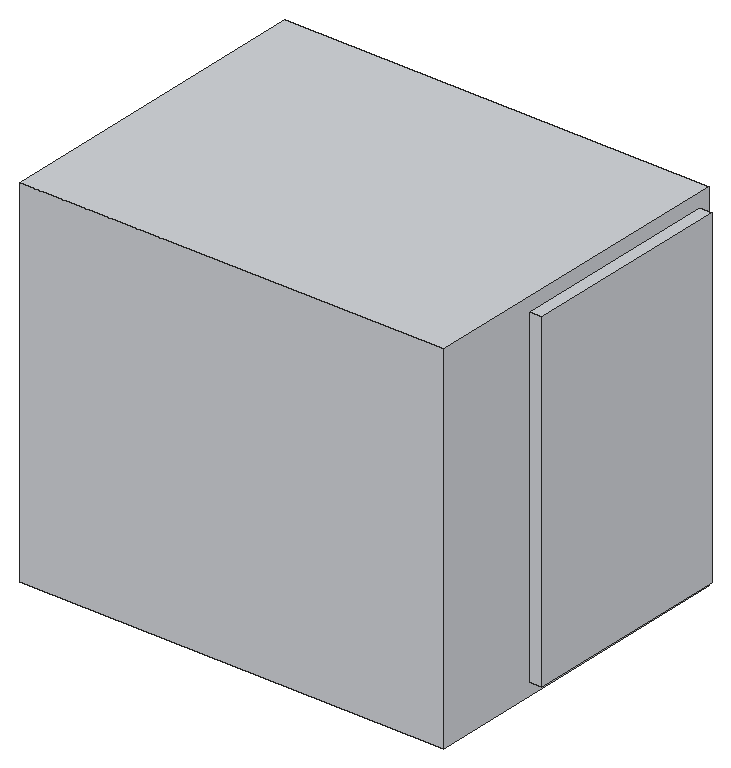
Revit family "b3f6add2fd1845629b123787d08ee09f", category Duct Accessories, Revit 2021
Family settings
  Round Connector Dimension = Use Diameter
  Part Type = Breaks Into
  OmniClass Number = 23.75.50.17.11
  OmniClass Title = Air Filters
  Seek Item ID = Filter - Cartridge-0000-USA-ENU
  Work Plane-Based = No
  Always vertical = Yes
  Cut with Voids When Loaded = No
  Shared = No
Parameters (values of type "32"x25"")
  Pressure Drop [instance] = 0.50 in-wg
  Filter Width = 2' - 1"
  Filter Length = Duct Width  # 2' - 8"
  Filter Height = Duct Height  # 2' - 1"
  Duct Width = 32"
  Duct Height = 25"
  Default Elevation = 0' - 0"
  Cartridge Filter Material = none
  Air Velocity [instance] = 500 FPM
  Air Flow [instance] = Air Velocity * Duct Width * Duct Height  # 2777.78 CFM
Types (17): name | Filter Width | Filter Length | Filter Height | Duct Width | Duct Height | Air Flow
  (no name) | 2' - 1" | 2' - 8" | 2' - 1" | 32" | 25" | 2777.78 CFM
  32"x25" | 2' - 1" | 2' - 8" | 2' - 1" | 32" | 25" | 2777.78 CFM
  44"x28" | 2' - 4" | 3' - 8" | 2' - 4" | 44" | 28" | 4277.78 CFM
  48"x32" | 2' - 8" | 4' - 0" | 2' - 8" | 48" | 32" | 5333.33 CFM
  60"x34" | 2' - 10" | 5' - 0" | 2' - 10" | 60" | 34" | 7083.33 CFM
  64"x38" | 2' - 10" | 5' - 4" | 3' - 2" | 64" | 38" | 8444.44 CFM
  68"x40" | 2' - 10" | 5' - 8" | 3' - 4" | 68" | 40" | 9444.44 CFM
  74"x44" | 2' - 10" | 6' - 2" | 3' - 8" | 74" | 44" | 11305.6 CFM
  76"x50" | 2' - 10" | 6' - 4" | 4' - 2" | 76" | 50" | 13194.4 CFM
  78"x56" | 3' - 4" | 6' - 6" | 4' - 8" | 78" | 56" | 15166.7 CFM
  92"x56" | 3' - 4" | 7' - 8" | 4' - 8" | 92" | 56" | 17888.9 CFM
  96"x62" | 4' - 0" | 8' - 0" | 5' - 2" | 96" | 62" | 20666.7 CFM
  110"x62" | 4' - 0" | 9' - 2" | 5' - 2" | 110" | 62" | 23680.6 CFM
  120"x74" | 4' - 0" | 10' - 0" | 6' - 2" | 120" | 74" | 30833.3 CFM
  138"x92" | 2' - 6" | 11' - 6" | 7' - 8" | 138" | 92" | 44083.3 CFM
  138"x110" | 2' - 6" | 11' - 6" | 9' - 2" | 138" | 110" | 52708.3 CFM
  152"x120" | 2' - 6" | 12' - 8" | 10' - 0" | 152" | 120" | 63333.3 CFM
Reference planes (in)
  plane 1 "Center (Front/Back)": y = 0
  plane 2: z = 0
  plane 3 "Center (Left/Right)": x = 0
  plane 4: x = -16
  plane 5: x = 16
  plane 6: y = 12.5
  plane 7: y = -12.5
  plane 8: x = -17
  plane 9: x = 17
  plane 10: z = 51.5
  plane 11: z = 24.5
  plane 12: z = 50.5
  plane 13: y = 11.5
  plane 14: z = 25.5
  plane 15: y = -4.5
Forms (in)
  Extrusion 1, solid, material <- "Cartridge Filter Material"
    sketch origin (0, 0, 0) x (1, 0, 0) y (0, 1, 0)
      loop
        line (-16, 12.5) -> (-16, -12.5) -> (16, -12.5) -> (16, 12.5) -> (-16, 12.5)
    from 24.5 to 51.5
  Extrusion 2, solid, material <- "Cartridge Filter Material"
    sketch origin (0, 0, 0) x (0, 1, 0) y (0, 0, 1)
      loop
        line (-4.5, 50.5) -> (-4.5, 25.5) -> (11.5, 25.5) -> (11.5, 50.5) -> (-4.5, 50.5)
    from 16 to 17
  Extrusion 3, solid, material <- "Cartridge Filter Material"
    sketch origin (0, 0, 0) x (0, 1, 0) y (0, 0, 1)
      loop
        line (-4.5, 50.5) -> (-4.5, 25.5) -> (11.5, 25.5) -> (11.5, 50.5) -> (-4.5, 50.5)
    from -17 to -16
Dimensions and locks (in)
  equal spacing: plane 4, plane 3 "Center (Left/Right)", plane 5
  "Filter Length": plane 4 to plane 5
  equal spacing: plane 6, plane 1 "Center (Front/Back)", plane 7
  "Filter Width": plane 6 to plane 7
  locked: plane 8 to plane 4 at 1
  locked: plane 5 to plane 9 at 1
  locked: plane 15 to plane 13 at 16
  locked: plane 14 to plane 11 at 1
  locked: plane 13 to plane 6 at 1
  locked: plane 12 to plane 10 at 1
  "Filter Height": plane 12 to plane 14
  aligned and locked: plane 4 to Extrusion 1 sketch curve
  aligned and locked: Extrusion 1 sketch curve to plane 6
  aligned and locked: plane 7 to Extrusion 1 sketch curve
  aligned and locked: Extrusion 1 sketch curve to plane 5
  aligned and locked: Extrusion 1 to plane 11
  aligned and locked: plane 10 to Extrusion 1
  aligned and locked: plane 15 to Extrusion 2 sketch curve
  aligned and locked: plane 12 to Extrusion 2 sketch curve
  aligned and locked: plane 14 to Extrusion 2 sketch curve
  aligned and locked: Extrusion 2 sketch curve to plane 13
  aligned and locked: plane 9 to Extrusion 2
  aligned and locked: Extrusion 2 to plane 5
  aligned and locked: Extrusion 3 sketch curve to Extrusion 2  (x3)
  aligned and locked: Extrusion 2 to Extrusion 3 sketch curve
  aligned and locked: Extrusion 3 to plane 8
  aligned and locked: plane 4 to Extrusion 3
Connectors (in)
  hvac at (0, -12.5, 38), driven by "Duct Height", driven by "Duct Width", driven by "Pressure Drop", driven by "Air Flow"
    settings: on Extrusion 1, index 1, duct flow 2777.78 CFM, flow factor 0, pres drop 0.50 in-wg, loss coef 0, conn angle 0.00°, conn width 32", conn height 25", conn diameter 24", duct sys type 29, conn prof type 1, flow config 0, flow direction 0, loss method 4, conn ref index 2, conn util no, is conn primary yes, conn desc ""
  hvac at (0, 12.5, 38), driven by "Duct Height", driven by "Duct Width", driven by "Air Flow"
    settings: on Extrusion 1, index 2, duct flow 2777.78 CFM, flow factor 0, pres drop 0.00 in-wg, loss coef 0, conn angle 0.00°, conn width 32", conn height 25", conn diameter 24", duct sys type 29, conn prof type 1, flow config 0, flow direction 0, loss method 4, conn ref index 1, conn util no, is conn primary no, conn desc ""
